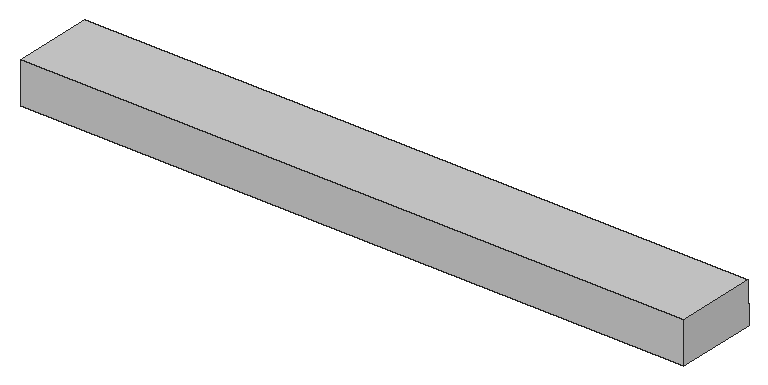
Revit family "Lum_Teto_Tubo_Embu2", category Lighting Fixtures, host Ceiling, Revit 2025
Family settings
  Host = Ceiling
  Round Connector Dimension = Use Diameter
  Part Type = Normal
  OmniClass Number = 23.80.70.11
  OmniClass Title = Luminaries for Internal Lighting
  Always vertical = Yes
  Cut with Voids When Loaded = No
  Light Source = Yes
  Maintain Annotation Orientation = No
  Shared = No
  Room Calculation Point = No
Parameters (values of type "Luminária_Tubular_Embutida_2_Lâmpadas")
  Wattage = 9.2903 W
  built-in parameter 1150110 = 1 (stored number, unit not read)
  built-in parameter 1114217 = 1 (stored number, unit not read)
  built-in parameter 1150109 = 1 (stored number, unit not read)
  Lumi_Material = CT_Luminaria
  Lumi_Largura_Interna = Lumi_Largura * 0.95  # 142.5 mm
  Lumi_Largura = 150 mm
  Lumi_Comprimento = 1225 mm
  Lumi_Altura_Resalto = 15 mm
  Lumi_Altura_Embutida = 60 mm
  Emit from Line Length = Lumi_Comprimento - 200 mm  # 1025 mm
  Default Elevation = 0 mm
  built-in parameter 1150134 = (empty or 0)
  built-in parameter 1150113 = 1 (stored number, unit not read)
  Lumens = 1380 lm
  built-in parameter 1150115 = 1 (stored number, unit not read)
  built-in parameter 1150105 = 439.27 (stored number, unit not read)
  Light Source Symbol Size = Lumi_Largura - 20 mm  # 130 mm
  built-in parameter 1150137 = (empty or 0)
  built-in parameter 1150139 = (empty or 0)
  built-in parameter 1150112 = 1 (stored number, unit not read)
  built-in parameter 1150114 = 1 (stored number, unit not read)
  built-in parameter 1150132 = 2
  built-in parameter 1150102 = (empty or 0)
  built-in parameter 1150138 = (empty or 0)
  built-in parameter 1150107 = 3000 (stored number, unit not read)
  built-in parameter 1150106 = 4.3927 (stored number, unit not read)
  built-in parameter 1150104 = 13.8 (stored number, unit not read)
  Dimming Lamp Color Temperature Shift = <None>
  Color Filter = 16777215
  built-in parameter 1114218 = 1 (stored number, unit not read)
  built-in parameter 1150133 = 10 (stored number, unit not read)
Reference planes
  plane 1 "Eixo de origem da luz (F/T)": y = 0
  plane 2: z = 0
  plane 3 "Eixo de origem da luz (E/D)": x = 0
  plane 4 "Forro": z = 4000
  plane 5 "Elevação da origem da luz": z = 3985
  plane 6 "Tubo_E": x = -512.5
  plane 7 "Tubo_D": x = 512.5
  plane 8: y = 43.668
  plane 9: y = -43.668
  plane 10: z = 4060
Forms (mm)
  Extrusion 1, solid, material "CT_Luminaria" <- "Lumi_Material"
    sketch origin (0, 0, 4000) x (0, 1, 0) y (-1, 0, 0)
      loop
        line (75, 612.5) -> (-75, 612.5) -> (-75, -612.5) -> (75, -612.5) -> (75, 612.5)
    from 60 to -15
  Extrusion 2, void
    sketch origin (512.5, 0, 0) x (0, 1, 0) y (0, 0, 1)
      loop
        line (-71.25, 3978.108) -> (71.25, 3978.108) -> (71.25, 4001.255)
        arc (71.25, 4001.255) -> (-0.034, 4028.045) -> (-71.25, 4001.072) r 107.867
        line (-71.25, 4001.072) -> (-71.25, 3978.108)
    from 0 to -1025
Cuts and joins
  Extrusion 2 cuts Extrusion 1
Lines and regions (mm)
  Opening 1
    outline origin (0, 0, 4000) x (1, 0, 0) y (0, 1, 0)
      loop
        line (-612.5, 75) -> (-612.5, -75) -> (612.5, -75) -> (612.5, 75) -> (-612.5, 75)
Dimensions and locks
  equal spacing: host sketch curve, plane 3 "Eixo de origem da luz (E/D)", host sketch curve
  equal spacing: host sketch curve, plane 1 "Eixo de origem da luz (F/T)", host sketch curve
  host sketch curve to host sketch curve = 4000 mm  (x2)
  plane 4 "Forro" to host ceiling = 0 mm
  equal spacing: Extrusion 1 sketch curve, plane 3 "Eixo de origem da luz (E/D)", Extrusion 1 sketch curve
  equal spacing: Extrusion 1 sketch curve, plane 1 "Eixo de origem da luz (F/T)", Extrusion 1 sketch curve
  "Lumi_Largura": Extrusion 1 sketch curve to Extrusion 1 sketch curve
  "Lumi_Comprimento": Extrusion 1 sketch curve to Extrusion 1 sketch curve
  equal spacing: plane 6 "Tubo_E", plane 3 "Eixo de origem da luz (E/D)", plane 7 "Tubo_D"
  "Emit from Line Length": plane 6 "Tubo_E" to plane 7 "Tubo_D"
  equal spacing: Extrusion 2 sketch curve, plane 1 "Eixo de origem da luz (F/T)", Extrusion 2 sketch curve
  "Lumi_Largura_Interna": Extrusion 2 to Extrusion 2
  equal spacing: plane 8, plane 1 "Eixo de origem da luz (F/T)", plane 9
  "Lumi_Altura_Embutida": plane 4 "Forro" to plane 10
  "Lumi_Altura_Resalto": plane 5 "Elevação da origem da luz" to plane 4 "Forro"
  aligned and locked: plane 5 "Elevação da origem da luz" to Extrusion 1
  aligned and locked: imposter light to plane 1 "Eixo de origem da luz (F/T)"
  aligned and locked: Extrusion 2 to plane 6 "Tubo_E"
  aligned and locked: Opening 1 sketch curve to cut or joined group of Extrusion 1, Extrusion 2  (x4)
  aligned and locked: plane 10 to cut or joined group of Extrusion 1, Extrusion 2
  aligned and locked: plane 5 "Elevação da origem da luz" to cut or joined group of Extrusion 1, Extrusion 2
  aligned and locked: plane 5 "Elevação da origem da luz" to imposter light
Automatic sketch dimensions
  plane 5 "Elevação da origem da luz" to Extrusion 2 sketch curve = 6.892 mm
  Extrusion 2 sketch curve to plane 1 "Eixo de origem da luz (F/T)" = 0.104 mm
  plane 5 "Elevação da origem da luz" to Extrusion 2 sketch curve = 64.822 mm
  plane 1 "Eixo de origem da luz (F/T)" to Extrusion 2 sketch curve = 71.25 mm
  Extrusion 2 sketch curve to plane 5 "Elevação da origem da luz" = 16.072 mm
